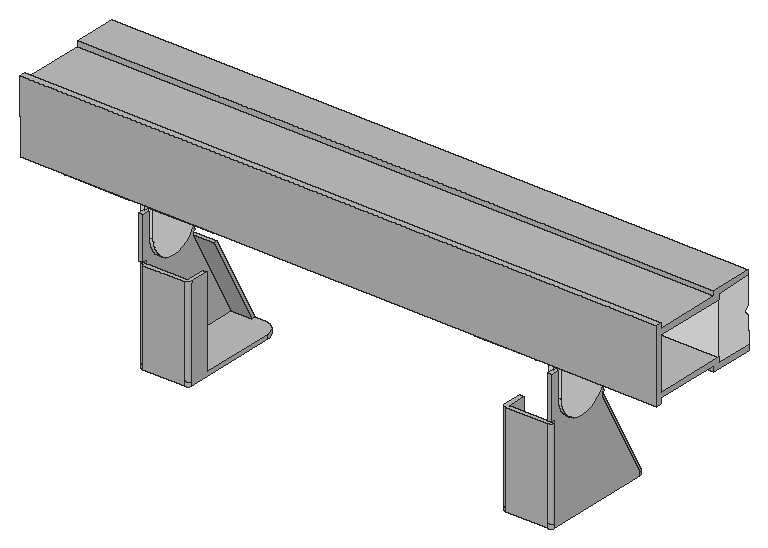
Revit family "4070744+4070746+4070771 Feilo Sylvania Lighting Fixture CURSUS 306MM 207LM OVAL LED3K with CONTINUOUS WALL HOUSING with 70MM WALL BRACKET", category Lighting Fixtures, host Face, Revit 2017
Family settings
  Host = Face
  Round Connector Dimension = Use Diameter
  Part Type = Normal
  OmniClass Number = 23.80.70.14
  OmniClass Title = Luminaries for External Lighting
  Cut with Voids When Loaded = Yes
  Light Source = No
  Shared = No
  Room Calculation Point = No
Parameters (values of type "4070744 CURSUS 306MM 207LM OVAL LED3K")
  Weight = "0.6 kg"
  Wattage Comments = "n/a"
  WarrantyStartDate [instance] = "n/a"
  WarrantyGuarantorParts = "n/a"
  WarrantyDurationUnit = "n/a"
  WarrantyDurationParts = "n/a"
  WarrantyDescription = "n/a"
  Voltage = 24 V
  URL = "http://www.sylvania-lighting.com"
  TypeName = "CURSUS 306MM 207LM OVAL LED3K"
  TypeFixture_FEILO = CURSUS with CONTINUOUS WALL HOUSING : CURSUS 306MM 207LM OVAL LED3K
  Type Image = <None>
  Type Comments = "n/a"
  TiltAngle [instance] = 0.00°
  StartAngle [instance] = TiltAngle + 270.00°  # 270.00°
  SerialNumber [instance] = "n/a"
  ReflectorMaterial = none
  PowerFactor = 0
  PowerConsumption = "4.5 W"
  NominalLength = 306 mm
  NominalHeight = 50 mm
  NominalDepth = 30 mm
  Name = "CURSUS 306MM 207LM OVAL LED3K"
  ModelReference = Name  # "CURSUS 306MM 207LM OVAL LED3K"
  ModelNumber = "4070744"
  Model = Name  # "CURSUS 306MM 207LM OVAL LED3K"
  Material = "natural anodised extruded aluminium structure housing, optical system with pmma lenses diffuser"
  ManufacturerName = "Feilo Sylvania"
  Manufacturer = "Feilo Sylvania"
  LuminousEfficacy = "46 lm/W"
  LuminaireType = ""
  LightOutputRatio = "100"
  LampsType = Lamp  # "LED"
  LampNominalLuminous = "207 lm"
  LampMacAdamStep = "n/a"
  LampColourTemperature = "3000 K"
  LampColourRenderingIndex = "80"
  Lamp = "LED"
  Keynote = "16500"
  InstallationDate [instance] = "n/a"
  InputVoltage = "24V DC"
  InputNominalFrequency = "n/a"
  IngressProtection = "IP67"
  ImpactProtectionIndex = "IK07"
  IfcExportType = "IfcLightFixtureType"
  IfcExportAs = "IfcLightFixtureType"
  ExpectedLife = 50000
  EndAngle [instance] = StartAngle - 180.00°  # 90.00°
  ElectricShockClassification = "Class III"
  DurationUnit = "hours"
  DocumentationLiterature = "http://www.sylvania-lighting.com/product/en-int/products/4070744"
  DimmingControlOptions = "n/a"
  DiffuserMaterial = Diffuser-Sylvania-Glow
  Description = "LED Exterior Lighting Recessed Surface Mounted Linear Fixture, Natural anodised extruded aluminium structure. Die-cast aluminium end caps. Installation kit with harmonic steel springs., 207 lm, 4,5W, 46lm/W, 3000K, CRI80+,non dimmable,IP67, IK07, (HxWxD) 306x50x30mm, 3 step Mac Adam Ellipse, 0.6kg,, Classe III, 21-25V-DC, energy class : A++, A+, A"
  Default Elevation = 1219.2 mm
  CreatedOn = "1/8/2018"
  CreatedBy = ""
  Cost = 0
  built-in parameter 1114216 [instance] = (empty or 0)
  ClassificationValue = "EF_70_80"
  ClassificationName = "Uniclass2015"
  BracketWidth = 24 mm
  BracketThickness = 2 mm
  BracketHeightEnd = 32 mm
  BracketHeight = 55 mm
  BracketFlange = BracketHeight / 5  # 11 mm
  BracketExtension = 70 mm
  BracketEndReduction = 25 mm
  BracketC = 22 mm  # constant formula
  BracketDistance = 175 mm
  BracketD = BracketHeightEnd - (BracketC * (BracketHeight - BracketHeightEnd) / (BracketExtension - BracketEndReduction))  # 20.756 mm
  BodyMaterial = Body-Sylvania-Gray
  BarCode [instance] = "n/a"
  AssetType = "Fixed"
  AssetIdentifier [instance] = "n/a"
  Assembly Code = "D5020200"
  Apparent Load = 4.5 VA
  AccessoryMaterial = Diffuser-Sylvania-Glow
Reference planes
  plane 1 "Center (Front/Back)": y = 0
  plane 2: z = 0
  plane 3 "Center (Left/Right)": x = 0
  plane 4: x = -99.5
  plane 5: x = 99.5
  plane 6: y = 55
  plane 7: x = -75.5
  plane 8: x = 75.5
  plane 9: z = 70
  plane 10: z = 56
  plane 11: z = 2
  plane 12: z = 45
  plane 13: x = -97.5
  plane 14: y = 53
  plane 15: y = 2
  plane 16: x = -77.5
  plane 17: x = 77.5
  plane 18: x = 97.5
  plane 19: x = -87.5
  plane 20: x = 87.5
  plane 21: y = 11
  plane 22: y = 32
  plane 23: y = 30
  plane 24: z = 67
  plane 25: y = 20.756
  plane 26: y = 16
Forms (mm)
  Blend 1, solid, material "Body-Sylvania-Gray" <- "BodyMaterial"
    base sketch origin (1223.4, -4572, 2) x (0, -1, 0) y (1, 0, 0)
      loop
        line (-4625, -1310.9) -> (-4627, -1310.9) -> (-4627, -1320.9)
        arc (-4627, -1320.9) -> (-4626.414, -1322.314) -> (-4625, -1322.9) r 2
        line (-4625, -1322.9) -> (-4574, -1322.9)
        arc (-4574, -1322.9) -> (-4572.586, -1322.314) -> (-4572, -1320.9) r 2
        line (-4572, -1320.9) -> (-4572, -1300.9)
        arc (-4572, -1300.9) -> (-4572.586, -1299.486) -> (-4574, -1298.9) r 2
        line (-4574, -1298.9) -> (-4583, -1298.9) -> (-4583, -1300.9) -> (-4574, -1300.9) -> (-4574, -1320.9) -> (-4625, -1320.9) -> (-4625, -1310.9)
    top sketch origin (1223.4, -4572, 2) x (0, -1, 0) y (1, 0, 0)
      loop
        line (-4583, -1300.9) -> (-4574, -1300.9) -> (-4574, -1320.9) -> (-4602, -1320.9) -> (-4602, -1310.9) -> (-4604, -1310.9) -> (-4604, -1320.9)
        arc (-4604, -1320.9) -> (-4603.52, -1322.21) -> (-4602.309, -1322.9) r 2.028
        line (-4602.309, -1322.9) -> (-4574, -1322.9)
        arc (-4574, -1322.9) -> (-4572.586, -1322.314) -> (-4572, -1320.9) r 2
        line (-4572, -1320.9) -> (-4572, -1300.9)
        arc (-4572, -1300.9) -> (-4572.586, -1299.486) -> (-4574, -1298.9) r 2
        line (-4574, -1298.9) -> (-4583, -1298.9) -> (-4583, -1300.9)
    from 0 to 43
  Extrusion 2, solid, material "Body-Sylvania-Gray" <- "BodyMaterial"
    sketch origin (0, 0, 0) x (1, 0, 0) y (0, 1, 0)
      loop
        arc (-97.5, 55) -> (-98.914, 54.414) -> (-99.5, 53) r 2
        line (-99.5, 53) -> (-99.5, 2)
        arc (-99.5, 2) -> (-98.914, 0.586) -> (-97.5, 0) r 2
        line (-97.5, 0) -> (-77.5, 0)
        arc (-77.5, 0) -> (-76.086, 0.586) -> (-75.5, 2) r 2
        line (-75.5, 2) -> (-75.5, 47.5)
        arc (-75.5, 47.5) -> (-77.697, 52.803) -> (-83, 55) r 7.5
        line (-83, 55) -> (-97.5, 55)
      loop
        line (97.5, 55) -> (83, 55)
        arc (83, 55) -> (77.697, 52.803) -> (75.5, 47.5) r 7.5
        line (75.5, 47.5) -> (75.5, 2)
        arc (75.5, 2) -> (76.086, 0.586) -> (77.5, 0) r 2
        line (77.5, 0) -> (97.5, 0)
        arc (97.5, 0) -> (98.914, 0.586) -> (99.5, 2) r 2
        line (99.5, 2) -> (99.5, 53)
        arc (99.5, 53) -> (98.914, 54.414) -> (97.5, 55) r 2
    from 0 to 2
  Blend 3, solid, material "Body-Sylvania-Gray" <- "BodyMaterial"
    base sketch origin (1223.4, -4572, 2) x (0, -1, 0) y (1, 0, 0)
      loop
        line (-4625, -1125.9) -> (-4574, -1125.9) -> (-4574, -1145.9) -> (-4583, -1145.9) -> (-4583, -1147.9) -> (-4574, -1147.9)
        arc (-4574, -1147.9) -> (-4572.586, -1147.314) -> (-4572, -1145.9) r 2
        line (-4572, -1145.9) -> (-4572, -1125.9)
        arc (-4572, -1125.9) -> (-4572.586, -1124.486) -> (-4574, -1123.9) r 2
        line (-4574, -1123.9) -> (-4625, -1123.9)
        arc (-4625, -1123.9) -> (-4626.414, -1124.486) -> (-4627, -1125.9) r 2
        line (-4627, -1125.9) -> (-4627, -1135.9) -> (-4625, -1135.9) -> (-4625, -1125.9)
    top sketch origin (1223.4, -4572, 2) x (0, -1, 0) y (1, 0, 0)
      loop
        line (-4602, -1135.9) -> (-4602, -1125.9) -> (-4574, -1125.9) -> (-4574, -1145.9) -> (-4583, -1145.9) -> (-4583, -1147.9) -> (-4574, -1147.9)
        arc (-4574, -1147.9) -> (-4572.586, -1147.314) -> (-4572, -1145.9) r 2
        line (-4572, -1145.9) -> (-4572, -1125.9)
        arc (-4572, -1125.9) -> (-4572.586, -1124.486) -> (-4574, -1123.9) r 2
        line (-4574, -1123.9) -> (-4602, -1123.9)
        arc (-4602, -1123.9) -> (-4603.414, -1124.486) -> (-4604, -1125.9) r 2
        line (-4604, -1125.9) -> (-4604, -1135.9) -> (-4602, -1135.9)
    from 0 to 43
  Blend 4, solid, material "Body-Sylvania-Gray" <- "BodyMaterial"
    base sketch origin (1223.4, -4572, 45) x (0, -1, 0) y (1, 0, 0)
      loop
        line (-4604, -1322.9) -> (-4572, -1322.9) -> (-4572, -1320.9) -> (-4604, -1320.9) -> (-4604, -1322.9)
    top sketch origin (1223.4, -4572, 45) x (0, -1, 0) y (1, 0, 0)
      loop
        line (-4572, -1322.9) -> (-4572, -1320.9) -> (-4592.756, -1320.9) -> (-4592.756, -1322.9) -> (-4572, -1322.9)
    from 0 to 22
  Blend 5, solid, material "Body-Sylvania-Gray" <- "BodyMaterial"
    base sketch origin (1223.4, -4572, 45) x (0, -1, 0) y (1, 0, 0)
      loop
        line (-4604, -1125.9) -> (-4572, -1125.9) -> (-4572, -1123.9) -> (-4604, -1123.9) -> (-4604, -1125.9)
    top sketch origin (1223.4, -4572, 45) x (0, -1, 0) y (1, 0, 0)
      loop
        line (-4572, -1123.9) -> (-4592.756, -1123.9) -> (-4592.756, -1125.9) -> (-4572, -1125.9) -> (-4572, -1123.9)
    from 0 to 22
  Extrusion 6, void
    sketch origin (0, 0, 0) x (0, 1, 0) y (0, 0, 1)
      loop
        line (0, 45) -> (2, 45) -> (2, 46.5) -> (0, 46.5) -> (0, 45)
      loop
        line (32, 45) -> (32, 46.5) -> (30, 46.5) -> (30, 45) -> (32, 45)
    from -99.5 to 99.5
  Revolve 7, solid, not visible
    sketch origin (1524, 16, 1219.2) x (1, 0, 0) y (0, 0, 1)
      loop
        line (-1524, -1152.2) -> (-1524, -1163.2) -> (-1436.5, -1163.2) -> (-1436.5, -1152.2) -> (-1524, -1152.2)
      axis (-1436.5, -1163.2) -> (-1524, -1163.2)
    angle from 270 <- "StartAngle" to 90 <- "EndAngle"
Cuts and joins
  Extrusion 6 cuts Blend 4
  Extrusion 6 cuts Blend 5
  joined: Blend 1, Extrusion 2, Blend 3, Blend 4, Blend 5
Lines and regions (mm)
  reference lines, not visible
    curve 1: line (-75.5, 16, 56) -> (75.5, 16, 56)
Dimensions and locks
  equal spacing: plane 4, plane 3 "Center (Left/Right)", plane 5
  "BracketDistance": plane 19 to plane 20
  "BracketHeight": plane 1 "Center (Front/Back)" to plane 6
  equal spacing: plane 7, plane 3 "Center (Left/Right)", plane 8
  "BracketWidth": plane 4 to plane 7
  "BracketExtension": plane 9 to plane 2
  "BracketThickness": plane 11 to plane 2
  "BracketEndReduction": plane 9 to plane 12
  equal spacing: plane 13, plane 3 "Center (Left/Right)", plane 18
  equal spacing: plane 16, plane 3 "Center (Left/Right)", plane 17
  "BracketThickness": plane 4 to plane 13
  "BracketThickness": plane 16 to plane 7
  "BracketThickness": plane 14 to plane 6
  "BracketThickness": plane 1 "Center (Front/Back)" to plane 15
  equal spacing: plane 4, plane 19, plane 7
  equal spacing: plane 8, plane 20, plane 5
  "BracketFlange": plane 1 "Center (Front/Back)" to plane 21
  "BracketHeightEnd": plane 1 "Center (Front/Back)" to plane 22
  "BracketThickness": plane 23 to plane 22
  locked: Extrusion 2 sketch curve to plane 7 at 7.5
  locked: Extrusion 2 sketch curve to plane 6 at 7.5  (x2)
  locked: plane 8 to Extrusion 2 sketch curve at 7.5
  "BracketC": plane 24 to plane 12
  "BracketD": plane 1 "Center (Front/Back)" to plane 25
  locked: plane 12 to Extrusion 6 sketch curve at 1.5
  equal spacing: plane 24, plane 10, plane 12
  equal spacing: plane 1 "Center (Front/Back)", plane 26, plane 22
  aligned and locked: plane 2 to host face
  aligned and locked: level to host face
  aligned and locked: plane 4 to Blend 1 sketch curve  (x2)
  aligned and locked: plane 13 to Blend 1 sketch curve  (x3)
  aligned and locked: Blend 1 sketch curve to plane 15
  aligned and locked: Blend 1 sketch curve to plane 16
  aligned and locked: Blend 1 sketch curve to plane 21
  aligned and locked: plane 7 to Blend 1 sketch curve
  aligned and locked: plane 16 to Blend 1 sketch curve
  aligned and locked: plane 1 "Center (Front/Back)" to Blend 1 sketch curve
  aligned and locked: plane 14 to Blend 1 sketch curve
  aligned and locked: Blend 1 sketch curve to var sketch  (x6)
  aligned and locked: Blend 1 sketch curve to plane 19
  aligned and locked: Blend 1 sketch curve to plane 22
  aligned and locked: plane 23 to Blend 1 sketch curve
  aligned and locked: plane 11 to Blend 1
  aligned and locked: Extrusion 2 sketch curve to Blend 1  (x3)
  aligned and locked: Extrusion 2 to level
  aligned and locked: Extrusion 2 to plane 11
  aligned and locked: Extrusion 2 sketch curve to plane 7
  aligned and locked: plane 18 to Blend 3 sketch curve  (x4)
  aligned and locked: plane 14 to Blend 3 sketch curve  (x2)
  aligned and locked: Blend 3 sketch curve to plane 20
  aligned and locked: Blend 3 sketch curve to plane 6
  aligned and locked: plane 5 to Blend 3 sketch curve
  aligned and locked: plane 1 "Center (Front/Back)" to Blend 3 sketch curve
  aligned and locked: plane 15 to Blend 3 sketch curve  (x2)
  aligned and locked: Blend 3 sketch curve to plane 8
  aligned and locked: Blend 3 sketch curve to plane 21
  aligned and locked: plane 17 to Blend 3 sketch curve
  aligned and locked: Blend 3 sketch curve to plane 18
  aligned and locked: plane 20 to Blend 3 sketch curve  (x2)
  aligned and locked: Blend 3 sketch curve to plane 23
  aligned and locked: Blend 3 sketch curve to var sketch  (x8)
  aligned and locked: var sketch to Blend 3 sketch curve
  aligned and locked: plane 22 to Blend 3 sketch curve
  aligned and locked: plane 11 to Blend 3
  aligned and locked: Extrusion 2 sketch curve to Blend 3  (x4)
  aligned and locked: Blend 1 to plane 12
  aligned and locked: Blend 3 to plane 12
  aligned and locked: Blend 4 sketch curve to plane 22
  aligned and locked: Blend 4 sketch curve to cut or joined group of Blend 1, Extrusion 2, Blend 3, Blend 4, Blend 5, Extrusion 6  (x2)
  aligned and locked: cut or joined group of Blend 1, Extrusion 2, Blend 3, Blend 4, Blend 5, Extrusion 6 to Blend 4 sketch curve
  aligned and locked: Blend 4 sketch curve to var sketch  (x2)
  aligned and locked: Blend 4 sketch curve to plane 13
  aligned and locked: Blend 4 to plane 24
  aligned and locked: Blend 4 sketch curve to plane 25
  aligned and locked: Blend 5 sketch curve to plane 18  (x2)
  aligned and locked: plane 1 "Center (Front/Back)" to Blend 5 sketch curve
  aligned and locked: plane 5 to Blend 5 sketch curve
  aligned and locked: plane 22 to Blend 5 sketch curve
  aligned and locked: Blend 5 sketch curve to var sketch
  aligned and locked: var sketch to Blend 5 sketch curve
  aligned and locked: Blend 5 sketch curve to plane 25
  aligned and locked: Blend 5 to plane 24
  aligned and locked: plane 12 to Blend 5
  aligned and locked: Extrusion 6 sketch curve to cut or joined group of Blend 1, Extrusion 2, Blend 3, Blend 4, Blend 5, Extrusion 6  (x2)
  aligned and locked: Extrusion 6 sketch curve to Extrusion 6 sketch curve
  aligned and locked: Extrusion 6 sketch curve to plane 15
  aligned and locked: plane 5 to Extrusion 6
  aligned and locked: Extrusion 6 to plane 4
  aligned and locked: Extrusion 6 sketch curve to plane 23
  aligned and locked: Revolve 7 sketch curve to plane 10  (x2)
  aligned and locked: plane 24 to Revolve 7 sketch curve
  aligned and locked: plane 3 "Center (Left/Right)" to Revolve 7 sketch curve
  aligned and locked: Revolve 7 sketch curve to plane 20
  aligned and locked: plane 7 to curve 1
  aligned and locked: plane 10 to curve 1
  aligned and locked: nested 1 to plane 5
  aligned and locked: nested 2 to plane 4
  aligned and locked: nested 1 to curve 1
  aligned and locked: nested 2 to curve 1
  aligned and locked: nested 1 to nested 3
  aligned and locked: nested 3 to plane 3 "Center (Left/Right)"
Automatic sketch dimensions
  host sketch curve to host sketch curve = 2438.4 mm  (x2)
  Blend 1 sketch curve to plane 13 = 0 mm
  plane 15 to Blend 1 sketch curve = 0 mm  (x3)
  Blend 1 sketch curve to plane 23 = 0.309 mm
  plane 6 to Blend 1 sketch curve = 0 mm
  plane 14 to Blend 1 sketch curve = 0 mm
  Blend 1 sketch curve to plane 19 = 0 mm
  Blend 3 sketch curve to plane 17 = 0 mm
  Extrusion 6 sketch curve to plane 1 "Center (Front/Back)" = 0 mm
  plane 12 to Extrusion 6 sketch curve = 0 mm
  Revolve 7 sketch curve to plane 4 = 1153 mm
  plane 5 to Revolve 7 sketch curve = 1161.4 mm
  curve 1 to plane 8 = 0 mm
Nested families
  nested 1: "MountingPlate" at (98.5, 16, 56) x (-1, 0, 0) z (0, 0, 1), type "MountingPlate"
  nested 2: "MountingPlate" at (-98.5, 16, 56) x (-1, 0, 0) z (0, 0, 1), type "MountingPlate"
  nested 3: "CURSUS with CONTINUOUS WALL HOUSING" at (0, -4, 74) x (-1, 0, 0) z (0, 0, 1), type <- "TypeFixture_FEILO", type "CURSUS 306MM 207LM OVAL LED3K"
    with WarrantyStartDate "n/a", SerialNumber "n/a", InstallationDate "n/a", EndCapRight no, EndCapLeft no, built-in parameter 1114216 (empty or 0), BarCode "n/a", AssetIdentifier "n/a"
Connectors
  electrical at (0, 0, 0), driven by "Voltage", driven by "Apparent Load", driven by "PowerFactor", driven by "Apparent Load"
    settings: index 1, voltage 24 V, apparent load 4.5 VA, apparent load phase1 4.5 VA, apparent load phase2 0 VA, apparent load phase3 0 VA, power factor 0, load classification "Other", number of poles 1, system type 30, power factor state 1, is connector primary yes, connector utility no, sub classification motor no, connector description ""
Definition of nested family "MountingPlate"
  Parameters (values of type "MountingPlate")
    URL = "http://www.feilosylvania.com"
    Type Comments = "n/a"
    ReflectorMaterial = none
    MountingPlateWidth = 76 mm
    MountingPlateThickness = 2 mm
    MountingPlateRadiusBack = 12 mm
    MountingPlateRadius = 3 mm
    MountingPlateHeight = 35 mm
    Model = "n/a"
    Manufacturer = "Feilo Sylvania"
    Keynote = "n/a"
    DiffuserMaterial = none
    Description = "n/a"
    Default Elevation = 1219.2 mm
    Cost = 0
    BodyMaterial = none
    Assembly Code = "n/a"
    AccessoryMaterial = none
  Reference planes
    plane 1 "Center (Front/Back)": y = 0
    plane 2: z = 0
    plane 3 "Center (Left/Right)": x = 0
    plane 4: x = -38
    plane 5: x = 38
    plane 6: y = 17.5
    plane 7: y = -17.5
    plane 8: x = -3
    plane 9: x = 3
    plane 10: z = 18
    plane 11: z = 16
    plane 12: y = 12.5
    plane 13: y = -12.5
    plane 14: x = -1
    plane 15: x = 1
    plane 16: z = -12.5
    plane 17: z = -14.5
  Forms (mm)
    Extrusion 1, solid
      sketch origin (1.653, 0, 0) x (1, 0, 0) y (0, 1, 0)
        loop
          line (-1219.2, 1219.2) -> (-1219.2, -1219.2) -> (1219.2, -1219.2) -> (1219.2, 1219.2) -> (-1219.2, 1219.2)
      from 0 to -304.8
    Extrusion 2, solid, material <- "BodyMaterial"
      sketch origin (1218.4, -4572, 16) x (0, -1, 0) y (-1, 0, 0)
        loop
          line (-4589.5, 1253.4) -> (-4589.5, 1224.4)
          arc (-4589.5, 1224.4) -> (-4588.621, 1222.279) -> (-4586.5, 1221.4) r 3
          line (-4586.5, 1221.4) -> (-4557.5, 1221.4)
          arc (-4557.5, 1221.4) -> (-4555.379, 1222.279) -> (-4554.5, 1224.4) r 3
          line (-4554.5, 1224.4) -> (-4554.5, 1253.4)
          arc (-4554.5, 1253.4) -> (-4555.379, 1255.521) -> (-4557.5, 1256.4) r 3
          line (-4557.5, 1256.4) -> (-4586.5, 1256.4)
          arc (-4586.5, 1256.4) -> (-4588.621, 1255.521) -> (-4589.5, 1253.4) r 3
        loop
          arc (-4589.5, 1183.4) -> (-4588.621, 1181.279) -> (-4586.5, 1180.4) r 3
          line (-4586.5, 1180.4) -> (-4557.5, 1180.4)
          arc (-4557.5, 1180.4) -> (-4555.379, 1181.279) -> (-4554.5, 1183.4) r 3
          line (-4554.5, 1183.4) -> (-4554.5, 1212.4)
          arc (-4554.5, 1212.4) -> (-4555.379, 1214.521) -> (-4557.5, 1215.4) r 3
          line (-4557.5, 1215.4) -> (-4586.5, 1215.4)
          arc (-4586.5, 1215.4) -> (-4588.621, 1214.521) -> (-4589.5, 1212.4) r 3
          line (-4589.5, 1212.4) -> (-4589.5, 1183.4)
      from 0 to -2
    Extrusion 3, solid, material <- "BodyMaterial"
      sketch origin (0, 0, 0) x (1, 0, 0) y (0, 0, 1)
        loop
          line (-3, 18) -> (-3, -12.5) -> (-1, -12.5) -> (-1, 16)
          arc (-1, 16) -> (-1.586, 17.414) -> (-3, 18) r 2
        loop
          line (3, -12.5) -> (3, 18)
          arc (3, 18) -> (1.586, 17.414) -> (1, 16) r 2
          line (1, 16) -> (1, -12.5) -> (3, -12.5)
      from -12.5 to 12.5
    Extrusion 4, void
      sketch origin (0, 0, 0) x (0, 1, 0) y (0, 0, 1)
        loop
          line (-12.5, -0.5) -> (-17.5, -0.5) -> (-17.5, -14.5) -> (-0.5, -14.5) -> (-0.5, -12.5)
          arc (-0.5, -12.5) -> (-8.985, -8.985) -> (-12.5, -0.5) r 12
        loop
          line (0.5, -12.5) -> (0.5, -14.5) -> (17.5, -14.5) -> (17.5, -0.5) -> (12.5, -0.5)
          arc (12.5, -0.5) -> (8.985, -8.985) -> (0.5, -12.5) r 12
      from -3 to 3
  Cuts and joins
    Extrusion 4 cuts Extrusion 2
    Extrusion 4 cuts Extrusion 3
    joined: Extrusion 2, Extrusion 3
  Lines and regions (mm)
    reference lines
      curve 1: line (-38, 0, 0) -> (38, 0, 0)
  Dimensions and locks
    equal spacing: plane 4, plane 3 "Center (Left/Right)", plane 5
    "MountingPlateWidth": plane 4 to plane 5
    equal spacing: plane 7, plane 1 "Center (Front/Back)", plane 6
    "MountingPlateHeight": plane 7 to plane 6
    equal spacing: plane 8, plane 3 "Center (Left/Right)", plane 9
    "MountingPlateHeight": plane 4 to plane 8
    locked: plane 10 to plane 2 at 18
    "MountingPlateThickness": plane 10 to plane 11
    equal spacing: plane 13, plane 1 "Center (Front/Back)", plane 12
    locked: plane 13 to plane 12 at 25
    "MountingPlateRadius": plane 4 to Extrusion 2 sketch curve  (x2)
    "MountingPlateRadius": Extrusion 2 sketch curve to plane 6  (x4)
    "MountingPlateRadius": Extrusion 2 sketch curve to plane 8  (x2)
    "MountingPlateRadius": plane 7 to Extrusion 2 sketch curve  (x4)
    "MountingPlateRadius": plane 9 to Extrusion 2 sketch curve  (x2)
    "MountingPlateRadius": Extrusion 2 sketch curve to plane 5  (x2)
    equal spacing: plane 15, plane 3 "Center (Left/Right)", plane 14
    "MountingPlateThickness": plane 14 to plane 8
    locked: plane 2 to plane 16 at 12.5
    locked: plane 17 to plane 16 at 2
    "MountingPlateRadiusBack": plane 13 to Extrusion 4 sketch curve
    "MountingPlateRadiusBack": plane 16 to Extrusion 4 sketch curve  (x2)
    "MountingPlateRadiusBack": Extrusion 4 sketch curve to plane 12
    aligned and locked: plane 2 to Extrusion 1
    aligned and locked: level to Extrusion 1
    aligned and locked: Extrusion 2 sketch curve to plane 6
    aligned and locked: Extrusion 2 sketch curve to plane 4
    aligned and locked: plane 7 to Extrusion 2 sketch curve
    aligned and locked: plane 8 to Extrusion 2 sketch curve
    aligned and locked: plane 6 to Extrusion 2 sketch curve
    aligned and locked: Extrusion 2 sketch curve to plane 5
    aligned and locked: Extrusion 2 sketch curve to plane 7
    aligned and locked: plane 9 to Extrusion 2 sketch curve
    aligned and locked: Extrusion 2 to plane 10
    aligned and locked: plane 11 to Extrusion 2
    aligned and locked: Extrusion 3 sketch curve to Extrusion 2  (x2)
    aligned and locked: plane 16 to Extrusion 3 sketch curve  (x2)
    aligned and locked: plane 14 to Extrusion 3 sketch curve
    aligned and locked: plane 9 to Extrusion 3 sketch curve
    aligned and locked: plane 15 to Extrusion 3 sketch curve
    aligned and locked: Extrusion 3 to plane 12
    aligned and locked: plane 13 to Extrusion 3
    aligned and locked: plane 17 to Extrusion 4 sketch curve  (x2)
    aligned and locked: Extrusion 4 sketch curve to plane 7
    aligned and locked: Extrusion 4 sketch curve to plane 6
    aligned and locked: plane 9 to Extrusion 4
    aligned and locked: Extrusion 4 to plane 8
    aligned and locked: plane 4 to curve 1
    aligned and locked: curve 1 to level
  Automatic sketch dimensions
    Extrusion 1 sketch curve to Extrusion 1 sketch curve = 2438.4 mm  (x2)
    Extrusion 3 sketch curve to plane 11 = 0 mm
    curve 1 to plane 5 = 0 mm
    Extrusion 4 sketch curve to plane 13 = 0 mm
    Extrusion 4 sketch curve to plane 12 = 0 mm
Definition of nested family "CURSUS with CONTINUOUS WALL HOUSING"
  Parameters (values of type "CURSUS 1161MM 827LM OVAL LED 3K")
    Width_FEILO = 35 mm
    Weight = "2.2 kg"
    Wattage Comments = "n/a"
    Wattage = 18 W
    WarrantyStartDate [instance] = "n/a"
    WarrantyGuarantorParts = "n/a"
    WarrantyDurationUnit = "n/a"
    WarrantyDurationParts = "n/a"
    WarrantyDescription = "n/a"
    WallThickness_FEILO = 2.5 mm
    built-in parameter 1150110 = 1 (stored number, unit not read)
    Voltage = 24 V
    URL = "http://www.feilosylvania.com"
    TypeName = "CURSUS 1161MM 827LM OVAL LED 3K"
    Type Image = (empty or 0)
    Type Comments = "n/a"
    built-in parameter 1114217 = 1 (stored number, unit not read)
    Tilt Angle = -90.00°
    built-in parameter 1150109 = 1 (stored number, unit not read)
    built-in parameter 1150134 = (empty or 0)
    built-in parameter 1150113 = 1 (stored number, unit not read)
    SerialNumber [instance] = "n/a"
    ReflectorMaterial = none
    PowerFactor = 0
    PowerConsumption = "18 W"
    Photometric Web File = "4070765.ies"
    NominalLength = 1161 mm
    NominalHeight = 50 mm
    NominalDepth = 30 mm
    Name = "CURSUS 1161MM 827LM OVAL LED 3K"
    ModelReference = Name  # "CURSUS 1161MM 827LM OVAL LED 3K"
    ModelNumber = ""
    Model = Name  # "CURSUS 1161MM 827LM OVAL LED 3K"
    Material = "natural anodised extruded aluminium structure housing, optical system with pmma lenses diffuser"
    ManufacturerName = "Feilo Sylvania"
    Manufacturer = "Feilo Sylvania"
    LuminousEfficacy = "45.94 lm/W"
    built-in parameter 1150105 = 65.811 (stored number, unit not read)
    Lumens = 827 lm
    LuminaireType = ""
    built-in parameter 1150115 = 1 (stored number, unit not read)
    LightOutputRatio = "100"
    built-in parameter 1150137 = (empty or 0)
    built-in parameter 1150139 = (empty or 0)
    Length_FEILO = 1167 mm
    LampsType = Lamp  # "LED"
    LampNominalLuminous = "827 lm"
    LampMacAdamStep = "n/a"
    LampColourTemperature = "3000 K"
    LampColourRenderingIndex = "80"
    built-in parameter 1150112 = 1 (stored number, unit not read)
    built-in parameter 1150114 = 1 (stored number, unit not read)
    Lamp = "LED"
    Keynote = "16500"
    InstallationDate [instance] = "n/a"
    InputVoltage = "24V DC"
    InputNominalFrequency = "n/a"
    built-in parameter 1150132 = (empty or 0)
    built-in parameter 1150102 = (empty or 0)
    built-in parameter 1150107 = 3000 (stored number, unit not read)
    built-in parameter 1150138 = (empty or 0)
    IngressProtection = "IP67"
    ImpactProtectionIndex = "IK07"
    built-in parameter 1150106 = 0.65811 (stored number, unit not read)
    IfcExportType = "IfcLightFixtureType"
    IfcExportAs = "IfcLightFixtureType"
    ExpectedLife = 50000
    EndCapRight [instance] = no
    EndCapLeft [instance] = no
    Emit from Rectangle Width = Width_FEILO - WallThickness_FEILO * 2  # 30 mm
    Emit from Rectangle Length = Length_FEILO - WallThickness_FEILO * 2  # 1162 mm
    Emit Shape Visible in Rendering = no
    ElectricShockClassification = "Class III"
    built-in parameter 1150104 = 4.2684 (stored number, unit not read)
    DurationUnit = "hours"
    DocumentationLiterature = "http://www.feilosylvania.com/product/en-int/products/4070765"
    DimmingControlOptions = "n/a"
    Dimming Lamp Color Temperature Shift = (empty or 0)
    DiffuserMaterial = none
    Description = "LED Exterior Lighting Recessed Surface Mounted Linear Fixture, Natural anodised extruded aluminium structure. Die-cast aluminium end caps. Installation kit with harmonic steel springs., 827 lm, 18W, 45lm/W, 3000K, CRI80+,non dimmable,IP67, IK07, (HxWxD) 1161x50x30mm, 3 step Mac Adam Ellipse, 2.2kg,, Classe III, 21-25V-DC, energy class : A++, A+, A"
    Default Elevation = 1219.2 mm
    CreatedOn = "1/8/2018"
    CreatedBy = "aron.fodor@feilosylvania.com"
    Cost = 0
    Color Filter = 16777215
    built-in parameter 1114216 [instance] = (empty or 0)
    ClassificationValue = "EF_70_80"
    ClassificationName = "Uniclass2015"
    BodyMaterial = none
    BarCode [instance] = "n/a"
    built-in parameter 1114218 = 1 (stored number, unit not read)
    built-in parameter 1150133 = 10 (stored number, unit not read)
    AssetType = "Fixed"
    AssetIdentifier [instance] = "n/a"
    Assembly Code = "D5020200"
    Apparent Load = 18 VA
    AccessoryMaterial = none
  Types (16, lengths in mm): name | Weight | Wattage | Voltage | TypeName | built-in parameter 1150134 | PowerConsumption | Photometric Web File | NominalLength | Name | ModelReference | Model | Material | LuminousEfficacy | built-in parameter 1150105 | Lumens | Length_FEILO | LampNominalLuminous | LampColourTemperature | InputVoltage | InputNominalFrequency | built-in parameter 1150107 | built-in parameter 1150106 | Emit from Rectangle Length | built-in parameter 1150104 | DocumentationLiterature | Description | Apparent Load
    CURSUS 1161MM 827LM OVAL LED 3K | "2.2 kg" | 18 W | 24 V | "CURSUS 1161MM 827LM OVAL LED 3K" | (empty or 0) | "18 W" | "4070765.ies" | 1161 | "CURSUS 1161MM 827LM OVAL LED 3K" | "CURSUS 1161MM 827LM OVAL LED 3K" | "CURSUS 1161MM 827LM OVAL LED 3K" | "natural anodised extruded aluminium structure housing, optical system with pmma lenses diffuser" | "45.94 lm/W" | 65.811 (stored number, unit not read) | 827 lm | 1167 | "827 lm" | "3000 K" | "24V DC" | "n/a" | 3000 (stored number, unit not read) | 0.65811 (stored number, unit not read) | 1162 | 4.2684 (stored number, unit not read) | "http://www.feilosylvania.com/product/en-int/products/4070765" | "LED Exterior Lighting Recessed Surface Mounted Linear Fixture, Natural anodised extruded aluminium structure. Die-cast aluminium end caps. Installation kit with harmonic steel springs., 827 lm, 18W, 45lm/W, 3000K, CRI80+,non dimmable,IP67, IK07, (HxWxD) 1161x50x30mm, 3 step Mac Adam Ellipse, 2.2kg,, Classe III, 21-25V-DC, energy class : A++, A+, A" | 18 VA
    CURSUS 1161MM 731LM WIDE LED 3K | "2.2 kg" | 18 W | 230 V | "CURSUS 1161MM 731LM WIDE LED 3K" | (empty or 0) | "18 W" | "4070764.ies" | 1161 | "CURSUS 1161MM 731LM WIDE LED 3K" | "CURSUS 1161MM 731LM WIDE LED 3K" | "CURSUS 1161MM 731LM WIDE LED 3K" | "natural anodised extruded aluminium structure housing" | "40.61 lm/W" | 58.171 (stored number, unit not read) | 731 lm | 1167 | "731 lm" | "3000 K" | "220-240V~" | "n/a" | 3000 (stored number, unit not read) | 0.58171 (stored number, unit not read) | 1162 | 3.7729 (stored number, unit not read) | "http://www.feilosylvania.com/product/en-int/products/4070764" | "LED Exterior Lighting Recessed Surface Mounted Linear Fixture, Natural anodised extruded aluminium structure. Die-cast aluminium end caps. Installation kit with harmonic steel springs., 731 lm, 18W, 40lm/W, 3000K, CRI80+,non dimmable,IP67, IK07, (HxWxD) 1161x50x30mm, 3 step Mac Adam Ellipse, 2.2kg,, Classe III, 21-25V-DC, energy class : A++, A+, A" | 18 VA
    CURSUS 1161MM 871LM OVAL LED 4K | "2.2 kg" | 18 W | 24 V | "CURSUS 1161MM 871LM OVAL LED 4K" | 12 | "18 W" | "4070763.ies" | 1161 | "CURSUS 1161MM 871LM OVAL LED 4K" | "CURSUS 1161MM 871LM OVAL LED 4K" | "CURSUS 1161MM 871LM OVAL LED 4K" | "natural anodised extruded aluminium structure housing, optical system with pmma lenses diffuser" | "48.38 lm/W" | 69.312 (stored number, unit not read) | 871 lm | 1167 | "871 lm" | "4000 K" | "24V DC" | "50/60 Hz" | 4000 (stored number, unit not read) | 0.69312 (stored number, unit not read) | 1162 | 4.4955 (stored number, unit not read) | "http://www.feilosylvania.com/product/en-int/products/4070763" | "LED Exterior Lighting Recessed Surface Mounted Linear Fixture, Natural anodised extruded aluminium structure. Die-cast aluminium end caps. Installation kit with harmonic steel springs., 871 lm, 18W,  48lm/W, 4000K, CRI80+,non dimmable,IP67, IK07, (HxWxD) 1161x50x30mm, 3 step Mac Adam Ellipse, 2.2kg,, Classe III, 21-25V-DC, energy class : A++, A+, A" | 18 VA
    CURSUS 1161MM 770LM WIDE LED 4K | "2.2 kg" | 18 W | 230 V | "CURSUS 1161MM 770LM WIDE LED 4K" | 12 | "18 W" | "4070762.ies" | 1161 | "CURSUS 1161MM 770LM WIDE LED 4K" | "CURSUS 1161MM 770LM WIDE LED 4K" | "CURSUS 1161MM 770LM WIDE LED 4K" | "natural anodised extruded aluminium structure housing" | "42.77 lm/W" | 61.275 (stored number, unit not read) | 770 lm | 1167 | "770 lm" | "4000 K" | "220-240V~" | "n/a" | 4000 (stored number, unit not read) | 0.61275 (stored number, unit not read) | 1162 | 3.9742 (stored number, unit not read) | "http://www.feilosylvania.com/product/en-int/products/4070762" | "LED Exterior Lighting Recessed Surface Mounted Linear Fixture, Natural anodised extruded aluminium structure. Die-cast aluminium end caps. Installation kit with harmonic steel springs., 770 lm, 18W,  42lm/W, 4000K, CRI80+,non dimmable,IP67, IK07, (HxWxD) 1161x50x30mm, 3 step Mac Adam Ellipse, 2.2kg,, Classe III, 21-25V-DC, energy class : A++, A+, A" | 18 VA
    CURSUS 876MM 620LM OVAL LED 3K | "1.7 kg" | 13.5 W | 24 V | "CURSUS 876MM 620LM OVAL LED 3K" | (empty or 0) | "13.5 W" | "4070758.ies" | 876 | "CURSUS 876MM 620LM OVAL LED 3K" | "CURSUS 876MM 620LM OVAL LED 3K" | "CURSUS 876MM 620LM OVAL LED 3K" | "natural anodised extruded aluminium structure housing, optical system with pmma lenses diffuser" | "45.92 lm/W" | 49.338 (stored number, unit not read) | 620 lm | 882 | "620 lm" | "3000 K" | "24V DC" | "50/60 Hz" | 3000 (stored number, unit not read) | 0.49338 (stored number, unit not read) | 877 | 4.2667 (stored number, unit not read) | "http://www.feilosylvania.com/product/en-int/products/4070758" | "LED Exterior Lighting Recessed Surface Mounted Linear Fixture, Natural anodised extruded aluminium structure. Die-cast aluminium end caps. Installation kit with harmonic steel springs., 620 lm, 13,5W, 45lm/W, 3000K, CRI80+,non dimmable,IP67, IK07, (HxWxD) 876x50x30mm, 3 step Mac Adam Ellipse, 1.7kg,, Classe III, 21-25V-DC, energy class : A++, A+, A" | 13.5 VA
    CURSUS 876MM 548LM WIDE LED 3K | "1.7 kg" | 13.5 W | 24 V | "CURSUS 876MM 548LM WIDE LED 3K" | (empty or 0) | "13.5 W" | "4070757.ies" | 876 | "CURSUS 876MM 548LM WIDE LED 3K" | "CURSUS 876MM 548LM WIDE LED 3K" | "CURSUS 876MM 548LM WIDE LED 3K" | "natural anodised extruded aluminium structure housing" | "40.59 lm/W" | 43.608 (stored number, unit not read) | 548 lm | 882 | "548 lm" | "3000 K" | "24V DC" | "n/a" | 3000 (stored number, unit not read) | 0.43608 (stored number, unit not read) | 877 | 3.7712 (stored number, unit not read) | "http://www.feilosylvania.com/product/en-int/products/4070757" | "LED Exterior Lighting Recessed Surface Mounted Linear Fixture, Natural anodised extruded aluminium structure. Die-cast aluminium end caps. Installation kit with harmonic steel springs., 548 lm, 13,5W, 40lm/W, 3000K, CRI80+,non dimmable,IP67, IK07, (HxWxD) 876x50x30mm, 3 step Mac Adam Ellipse, 1.7kg,, Classe III, 21-25V-DC, energy class : A++, A+, A" | 13.5 VA
    CURSUS 876MM 653LM OVAL LED 4K | "1.7 kg" | 13.5 W | 24 V | "CURSUS 876MM 653LM OVAL LED 4K" | 12 | "13.5 W" | "4070756.ies" | 876 | "CURSUS 876MM 653LM OVAL LED 4K" | "CURSUS 876MM 653LM OVAL LED 4K" | "CURSUS 876MM 653LM OVAL LED 4K" | "natural anodised extruded aluminium structure housing, optical system with pmma lenses diffuser" | "48.37 lm/W" | 51.964 (stored number, unit not read) | 653 lm | 882 | "653 lm" | "4000 K" | "24V DC" | "n/a" | 4000 (stored number, unit not read) | 0.51964 (stored number, unit not read) | 877 | 4.4938 (stored number, unit not read) | "http://www.feilosylvania.com/product/en-int/products/4070756" | "LED Exterior Lighting Recessed Surface Mounted Linear Fixture, Natural anodised extruded aluminium structure. Die-cast aluminium end caps. Installation kit with harmonic steel springs., 653 lm, 13,5W,  48lm/W, 4000K, CRI80+,non dimmable,IP67, IK07, (HxWxD) 876x50x30mm, 3 step Mac Adam Ellipse, 1.7kg,, Classe III, 21-25V-DC, energy class : A++, A+, A" | 13.5 VA
    CURSUS 876MM 577LM WIDE LED 4K | "1.7 kg" | 13.5 W | 24 V | "CURSUS 876MM 577LM WIDE LED 4K" | 12 | "13.5 W" | "4070755.ies" | 876 | "CURSUS 876MM 577LM WIDE LED 4K" | "CURSUS 876MM 577LM WIDE LED 4K" | "CURSUS 876MM 577LM WIDE LED 4K" | "natural anodised extruded aluminium structure housing" | "42.74 lm/W" | 45.916 (stored number, unit not read) | 577 lm | 882 | "577 lm" | "4000 K" | "24V DC" | "n/a" | 4000 (stored number, unit not read) | 0.45916 (stored number, unit not read) | 877 | 3.9707 (stored number, unit not read) | "http://www.feilosylvania.com/product/en-int/products/4070755" | "LED Exterior Lighting Recessed Surface Mounted Linear Fixture, Natural anodised extruded aluminium structure. Die-cast aluminium end caps. Installation kit with harmonic steel springs., 577 lm, 13,5W,  42lm/W, 4000K, CRI80+,non dimmable,IP67, IK07, (HxWxD) 876x50x30mm, 3 step Mac Adam Ellipse, 1.7kg,, Classe III, 21-25V-DC, energy class : A++, A+, A" | 13.5 VA
    CURSUS 591MM 414LM OVAL LED 3K | "1.2 kg" | 9 W | 24 V | "CURSUS 591MM 414LM OVAL LED 3K" | (empty or 0) | "9 W" | "4070751.ies" | 591 | "CURSUS 591MM 414LM OVAL LED 3K" | "CURSUS 591MM 414LM OVAL LED 3K" | "CURSUS 591MM 414LM OVAL LED 3K" | "natural anodised extruded aluminium structure housing, optical system with pmma lenses diffuser" | "46 lm/W" | 32.945 (stored number, unit not read) | 414 lm | 597 | "414 lm" | "3000 K" | "24V DC" | "n/a" | 3000 (stored number, unit not read) | 0.32945 (stored number, unit not read) | 592 | 4.2735 (stored number, unit not read) | "http://www.feilosylvania.com/product/en-int/products/4070751" | "LED Exterior Lighting Recessed Surface Mounted Linear Fixture, Natural anodised extruded aluminium structure. Die-cast aluminium end caps. Installation kit with harmonic steel springs., 414 lm, 9W, 46lm/W, 3000K, CRI80+,non dimmable,IP67, IK07, (HxWxD) 591x50x30mm, 3 step Mac Adam Ellipse, 1.2kg,, Classe III, 21-25V-DC, energy class : A++, A+, A" | 9 VA
    CURSUS 591MM 365LM WIDE LED 3K | "1.2 kg" | 9 W | 24 V | "CURSUS 591MM 365LM WIDE LED 3K" | (empty or 0) | "9 W" | "4070750.ies" | 591 | "CURSUS 591MM 365LM WIDE LED 3K" | "CURSUS 591MM 365LM WIDE LED 3K" | "CURSUS 591MM 365LM WIDE LED 3K" | "natural anodised extruded aluminium structure housing" | "40.55 lm/W" | 29.046 (stored number, unit not read) | 365 lm | 597 | "365 lm" | "3000 K" | "24V DC" | "n/a" | 3000 (stored number, unit not read) | 0.29046 (stored number, unit not read) | 592 | 3.7677 (stored number, unit not read) | "http://www.feilosylvania.com/product/en-int/products/4070750" | "LED Exterior Lighting Recessed Surface Mounted Linear Fixture, Natural anodised extruded aluminium structure. Die-cast aluminium end caps. Installation kit with harmonic steel springs., 365 lm, 9W, 40lm/W, 3000K, CRI80+,non dimmable,IP67, IK07, (HxWxD) 591x50x30mm, 3 step Mac Adam Ellipse, 1.2kg,, Classe III, 21-25V-DC, energy class : A++, A+, A" | 9 VA
    CURSUS 591MM 435LM OVAL LED 4K | "1.2 kg" | 9 W | 24 V | "CURSUS 591MM 435LM OVAL LED 4K" | 12 | "9 W" | "4070749.ies" | 591 | "CURSUS 591MM 435LM OVAL LED 4K" | "CURSUS 591MM 435LM OVAL LED 4K" | "CURSUS 591MM 435LM OVAL LED 4K" | "natural anodised extruded aluminium structure housing, optical system with pmma lenses diffuser" | "48.33 lm/W" | 34.616 (stored number, unit not read) | 435 lm | 597 | "435 lm" | "4000 K" | "24V DC" | "n/a" | 4000 (stored number, unit not read) | 0.34616 (stored number, unit not read) | 592 | 4.4903 (stored number, unit not read) | "http://www.feilosylvania.com/product/en-int/products/4070749" | "LED Exterior Lighting Recessed Surface Mounted Linear Fixture, Natural anodised extruded aluminium structure. Die-cast aluminium end caps. Installation kit with harmonic steel springs., 435 lm, 9W, 48lm/W, 4000K, CRI80+,non dimmable,IP67, IK07, (HxWxD) 591x50x30mm, 3 step Mac Adam Ellipse, 1.2kg,, Classe III, 21-25V-DC, energy class : A++, A+, A" | 9 VA
    CURSUS 591MM 385LM WIDE LED 4K | "1.2 kg" | 9 W | 24 V | "CURSUS 591MM 385LM WIDE LED 4K" | 12 | "9 W" | "4070748.ies" | 591 | "CURSUS 591MM 385LM WIDE LED 4K" | "CURSUS 591MM 385LM WIDE LED 4K" | "CURSUS 591MM 385LM WIDE LED 4K" | "natural anodised extruded aluminium structure housing" | "42.77 lm/W" | 30.637 (stored number, unit not read) | 385 lm | 597 | "385 lm" | "4000 K" | "24V DC" | "n/a" | 4000 (stored number, unit not read) | 0.30637 (stored number, unit not read) | 592 | 3.9742 (stored number, unit not read) | "http://www.feilosylvania.com/product/en-int/products/4070748" | "LED Exterior Lighting Recessed Surface Mounted Linear Fixture, Natural anodised extruded aluminium structure. Die-cast aluminium end caps. Installation kit with harmonic steel springs., 385 lm, 9W,  42lm/W, 4000K, CRI80+,non dimmable,IP67, IK07, (HxWxD) 591x50x30mm, 3 step Mac Adam Ellipse, 1.2kg,, Classe III, 21-25V-DC, energy class : A++, A+, A" | 9 VA
    CURSUS 306MM 207LM OVAL LED3K | "0.6 kg" | 4.5 W | 24 V | "CURSUS 306MM 207LM OVAL LED3K" | (empty or 0) | "4.5 W" | "4070744.ies" | 306 | "CURSUS 306MM 207LM OVAL LED3K" | "CURSUS 306MM 207LM OVAL LED3K" | "CURSUS 306MM 207LM OVAL LED3K" | "natural anodised extruded aluminium structure housing, optical system with pmma lenses diffuser" | "46 lm/W" | 16.473 (stored number, unit not read) | 207 lm | 312 | "207 lm" | "3000 K" | "24V DC" | "n/a" | 3000 (stored number, unit not read) | 0.16473 (stored number, unit not read) | 307 | 4.2735 (stored number, unit not read) | "http://www.feilosylvania.com/product/en-int/products/4070744" | "LED Exterior Lighting Recessed Surface Mounted Linear Fixture, Natural anodised extruded aluminium structure. Die-cast aluminium end caps. Installation kit with harmonic steel springs., 207 lm, 4,5W, 46lm/W, 3000K, CRI80+,non dimmable,IP67, IK07, (HxWxD) 306x50x30mm, 3 step Mac Adam Ellipse, 0.6kg,, Classe III, 21-25V-DC, energy class : A++, A+, A" | 4.5 VA
    CURSUS 306MM 183LM WIDE LED 3K | "0.6 kg" | 4.5 W | 24 V | "CURSUS 306MM 183LM WIDE LED 3K" | (empty or 0) | "4.5 W" | "4070743.ies" | 306 | "CURSUS 306MM 183LM WIDE LED 3K" | "CURSUS 306MM 183LM WIDE LED 3K" | "CURSUS 306MM 183LM WIDE LED 3K" | "natural anodised extruded aluminium structure housing" | "40.66 lm/W" | 14.563 (stored number, unit not read) | 183 lm | 312 | "183 lm" | "3000 K" | "24V DC" | "n/a" | 3000 (stored number, unit not read) | 0.14563 (stored number, unit not read) | 307 | 3.7781 (stored number, unit not read) | "http://www.feilosylvania.com/product/en-int/products/4070743" | "LED Exterior Lighting Recessed Surface Mounted Linear Fixture, Natural anodised extruded aluminium structure. Die-cast aluminium end caps. Installation kit with harmonic steel springs., 183 lm, 4,5W, 40lm/W, 3000K, CRI80+,non dimmable,IP67, IK07, (HxWxD) 306x50x30mm, 3 step Mac Adam Ellipse, 0.6kg,, Classe III, 21-25V-DC, energy class : A++, A+, A" | 4.5 VA
    CURSUS 306MM 218LM OVAL LED 4K | "0.6 kg" | 4.5 W | 24 V | "CURSUS 306MM 218LM OVAL LED 4K" | 12 | "4.5 W" | "4070742.ies" | 306 | "CURSUS 306MM 218LM OVAL LED 4K" | "CURSUS 306MM 218LM OVAL LED 4K" | "CURSUS 306MM 218LM OVAL LED 4K" | "natural anodised extruded aluminium structure housing, optical system with pmma lenses diffuser" | "48.44 lm/W" | 17.348 (stored number, unit not read) | 218 lm | 312 | "218 lm" | "4000 K" | "24V DC" | "n/a" | 4000 (stored number, unit not read) | 0.17348 (stored number, unit not read) | 307 | 4.5006 (stored number, unit not read) | "http://www.feilosylvania.com/product/en-int/products/4070742" | "LED Exterior Lighting Recessed Surface Mounted Linear Fixture, Natural anodised extruded aluminium structure. Die-cast aluminium end caps. Installation kit with harmonic steel springs., 218 lm, 4,5W,  48lm/W, 4000K, CRI80+,non dimmable,IP67, IK07, (HxWxD) 306x50x30mm, 3 step Mac Adam Ellipse, 0.6kg,, Classe III, 21-25V-DC, energy class : A++, A+, A" | 4.5 VA
    CURSUS 306MM 192LM WIDE LED 4K | "0.6 kg" | 4.5 W | 24 V | "CURSUS 306MM 192LM WIDE LED 4K" | 12 | "4.5 W" | "4070741.ies" | 306 | "CURSUS 306MM 192LM WIDE LED 4K" | "CURSUS 306MM 192LM WIDE LED 4K" | "CURSUS 306MM 192LM WIDE LED 4K" | "natural anodised extruded aluminium structure housing" | "42.66 lm/W" | 15.279 (stored number, unit not read) | 192 lm | 312 | "192 lm" | "4000 K" | "24V DC" | "n/a" | 4000 (stored number, unit not read) | 0.15279 (stored number, unit not read) | 307 | 3.9639 (stored number, unit not read) | "http://www.feilosylvania.com/product/en-int/products/4070741" | "LED Exterior Lighting Recessed Surface Mounted Linear Fixture, Natural anodised extruded aluminium structure. Die-cast aluminium end caps. Installation kit with harmonic steel springs., 192 lm, 4,5W,  42lm/W, 4000K, CRI80+,non dimmable,IP67, IK07, (HxWxD) 306x50x30mm, 3 step Mac Adam Ellipse, 0.6kg,, Classe III, 21-25V-DC, energy class : A++, A+, A" | 4.5 VA
  Reference planes
    plane 1 "Center (Front/Back)": y = 0
    plane 2: z = 0
    plane 3 "Center (Left/Right)": x = 0
    plane 4: x = 583.5
    plane 5: x = -583.5
    plane 6: x = -581
    plane 7: x = 581
    plane 8: z = 35
    plane 9: z = 17.5
    plane 10: z = 32.5
    plane 11: z = 2.5
    plane 12: z = 30
    plane 13: z = 5
    plane 14: y = -55
    plane 15: y = -53
    plane 16: y = -2.5
    plane 17: y = -37
    plane 18: y = -34.5
  Forms (mm)
    Extrusion 1, solid
      sketch origin (4.2, 0, 0) x (1, 0, 0) y (0, 1, 0)
        loop
          line (-1219.2, 1219.2) -> (-1219.2, -1219.2) -> (1219.2, -1219.2) -> (1219.2, 1219.2) -> (-1219.2, 1219.2)
      from 0 to -304.8
    Extrusion 2, solid, material <- "BodyMaterial"
      sketch origin (0, 0, 0) x (0, 1, 0) y (0, 0, 1)
        loop
          line (0, 35) -> (-2.5, 35) -> (-2.5, 32.5) -> (-34.5, 32.5) -> (-34.5, 35) -> (-55, 35) -> (-55, 32.5) -> (-37, 32.5) -> (-37, 30) -> (-2.5, 30) -> (-2.5, 5) -> (-37, 5) -> (-37, 2.5) -> (-55, 2.5) -> (-55, 0) -> (-34.5, 0) -> (-34.5, 2.5) -> (-2.5, 2.5) -> (-2.5, 0) -> (0, 0) -> (0, 35)
      from -581 to 581
    Extrusion 3, solid, material <- "DiffuserMaterial"
      sketch origin (0, 0, 0) x (0, 1, 0) y (0, 0, 1)
        loop
          line (-37, 32.5) -> (-55, 32.5) -> (-55, 19.5) -> (-53, 17.5) -> (-55, 15.5) -> (-55, 2.5) -> (-37, 2.5) -> (-37, 32.5)
      from -581 to 581
    Extrusion 4, solid, material <- "BodyMaterial", visible <- "EndCapRight"
      sketch origin (581, 1524, 1219.2) x (0, 1, 0) y (0, 0, 1)
        loop
          line (-1579, -1184.2) -> (-1579, -1219.2) -> (-1524, -1219.2) -> (-1524, -1184.2) -> (-1579, -1184.2)
      from 0 to 2.5
    Extrusion 5, solid, material <- "BodyMaterial", visible <- "EndCapLeft"
      sketch origin (-581, 1524, 1219.2) x (0, 1, 0) y (0, 0, 1)
        loop
          line (-1579, -1184.2) -> (-1579, -1219.2) -> (-1524, -1219.2) -> (-1524, -1184.2) -> (-1579, -1184.2)
      from -2.5 to 0
  Dimensions and locks
    equal spacing: plane 5, plane 3 "Center (Left/Right)", plane 4
    "Length_FEILO": plane 5 to plane 4
    equal spacing: plane 6, plane 3 "Center (Left/Right)", plane 7
    "WallThickness_FEILO": plane 5 to plane 6
    locked: plane 9 to plane 2 at 17.5
    locked: plane 8 to plane 2 at 35
    equal spacing: plane 11, plane 9, plane 10
    equal spacing: plane 13, plane 9, plane 12
    "WallThickness_FEILO": plane 12 to plane 10
    locked: plane 14 to plane 15 at 2
    locked: plane 14 to plane 17 at 18
    "WallThickness_FEILO": plane 17 to plane 18
    "WallThickness_FEILO": plane 16 to plane 1 "Center (Front/Back)"
    locked: plane 15 to Extrusion 3 sketch curve (angle 45.00°)
    locked: Extrusion 3 sketch curve to plane 15 (angle 45.00°)
    aligned and locked: plane 2 to Extrusion 1
    aligned and locked: level to Extrusion 1
    aligned and locked: plane 1 "Center (Front/Back)" to Extrusion 2 sketch curve
    aligned and locked: Extrusion 2 sketch curve to plane 8  (x2)
    aligned and locked: plane 16 to Extrusion 2 sketch curve
    aligned and locked: Extrusion 1 to Extrusion 2 sketch curve
    aligned and locked: Extrusion 2 sketch curve to plane 16  (x2)
    aligned and locked: Extrusion 2 sketch curve to plane 11
    aligned and locked: plane 18 to Extrusion 2 sketch curve
    aligned and locked: level to Extrusion 2 sketch curve
    aligned and locked: plane 11 to Extrusion 2 sketch curve
    aligned and locked: Extrusion 2 sketch curve to plane 17
    aligned and locked: plane 13 to Extrusion 2 sketch curve
    aligned and locked: Extrusion 2 sketch curve to plane 12
    aligned and locked: plane 10 to Extrusion 2 sketch curve  (x2)
    aligned and locked: plane 17 to Extrusion 2 sketch curve  (x2)
    aligned and locked: plane 12 to Extrusion 2 sketch curve
    aligned and locked: Extrusion 2 sketch curve to plane 10
    aligned and locked: Extrusion 2 sketch curve to plane 18
    aligned and locked: plane 7 to Extrusion 2
    aligned and locked: Extrusion 2 to plane 6
    aligned and locked: Extrusion 3 sketch curve to Extrusion 2  (x4)
    aligned and locked: Extrusion 2 to Extrusion 3 sketch curve
    aligned and locked: plane 9 to Extrusion 3 sketch curve
    aligned and locked: plane 7 to Extrusion 3
    aligned and locked: Extrusion 3 to plane 6
    aligned and locked: Extrusion 4 sketch curve to Extrusion 2  (x4)
    aligned and locked: plane 4 to Extrusion 4
    aligned and locked: Extrusion 4 to plane 7
    aligned and locked: Extrusion 5 sketch curve to Extrusion 4  (x3)
    aligned and locked: Extrusion 5 sketch curve to Extrusion 2
    aligned and locked: Extrusion 5 to plane 5
    aligned and locked: plane 6 to Extrusion 5
    aligned and locked: plane 14 to imposter light
    aligned and locked: imposter light to plane 9
    aligned and locked: plane 3 "Center (Left/Right)" to imposter light
  Automatic sketch dimensions
    Extrusion 1 sketch curve to Extrusion 1 sketch curve = 2438.4 mm  (x2)
    Extrusion 2 sketch curve to plane 14 = 0 mm  (x2)
    Extrusion 3 sketch curve to plane 15 = 0 mm
  Connectors
    electrical at (0, 0, 0), driven by "Apparent Load", driven by "PowerFactor", driven by "Voltage"
      settings: index 1, voltage 24 V, apparent load 18 VA, apparent load phase1 0 VA, apparent load phase2 0 VA, apparent load phase3 0 VA, power factor 0, load classification none, number of poles 1, system type 30, power factor state 1, is connector primary yes, connector utility no, sub classification motor no, connector description ""
